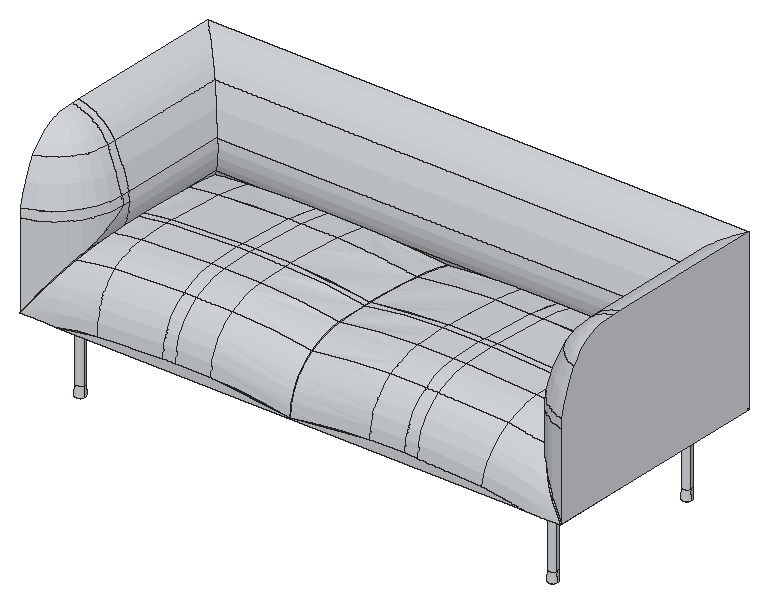
Revit family "Keilhauer-Electric-Seater-", category Furniture, Revit 2020
Family settings
  OmniClass Number = 23.40.20.00
  OmniClass Title = General Furniture and Specialties
  Work Plane-Based = No
  Always vertical = Yes
  Cut with Voids When Loaded = No
  Shared = No
  Room Calculation Point = No
Parameters (values of type "92000")
  Width = 63 1/2"
  URL = "https://keilhauer.com/"
  Type Comments = "Electric"  # constant formula
  Seat Finish [instance] = none
  Revit File Built By = "https://servex-us.com/servex-revit/"
  Product Documentation Link = "https://keilhauer.com/product-family/electric/"
  Model = "92000"
  Middle Seat = if(Width = 95", 2 > 1, 1 > 2)  # no
  Manufacturer = "Keilhauer"  # constant formula
  Leg Finish [instance] = none
  Keynote = "12500"  # constant formula
  Glide Finish [instance] = none
  Dist Void Seat = if(Middle Seat, 33 15/32", 31 3/4")  # 31 3/4"
  Description = "Two Seater Sofa"
  Default Elevation = 0"
  Copyright © = "© 2023 Keilhauer"  # constant formula
  Back Finish [instance] = none
  Authoring Version = "Revit 2020"  # constant formula
  Assembly Code = "E2020200"
Types (3): name | Width | Model | Middle Seat | Dist Void Seat | Description
  (no name) | 63 1/2" | "92000" | no | 31 3/4" | "Two Seater Sofa"
  92000 | 63 1/2" | "92000" | no | 31 3/4" | "Two Seater Sofa"
  92010 | 95" | "92010" | yes | 33 15/32" | "Three Seater Sofa"
Reference planes
  plane 1 "Center Front/Back": y = 0
  plane 2: z = 0
  plane 3 "Center Left/Right": x = 0
  plane 4: y = -700.024
  plane 5: x = 1612.9
  plane 6: x = 806.45
  plane 7: z = 230.124
  plane 8: z = 6.349
Forms (mm)
  Sweep 1, solid, material <- "Back Finish"
    path origin (0, 0, 0) x (1, 0, 0) y (0, 1, 0)
      loop
        line (0, -477.58) -> (0, 0) -> (1612.9, 0) -> (1612.9, -477.58)
    profile origin (806.45, 0, 0) x (0, 1, 0) y (0, 0, 1)
      loop
        arc (0, 705.104) -> (-61.098, 679.141) -> (-104.671, 629.056) r 147.806
        arc (-104.671, 629.056) -> (-130.564, 570.12) -> (-147.295, 507.96) r 426.623
        arc (-147.295, 507.96) -> (-146.373, 451.443) -> (-123.133, 399.918) r 139.7
        line (-123.133, 399.918) -> (0, 230.124) -> (0, 705.104)
  Sweep 2, solid, material <- "Seat Finish"
    path origin (0, 0, 0) x (1, 0, 0) y (0, 0, 1)
      loop
        arc (-53.023, 366.732) -> (80.224, 402.999) -> (216.732, 423.87) r 1211.852
        arc (216.732, 423.87) -> (321.503, 431.325) -> (426.509, 433.812) r 2218.147
        line (426.509, 433.812) -> (464.609, 433.812)
        arc (464.609, 433.812) -> (518.048, 433.602) -> (571.484, 432.97) r 6778.551
        arc (571.484, 432.97) -> (756.614, 419.102) -> (938.824, 383.537) r 1574.224
    profile origin (445.559, 0, 433.812) x (0, 0, 1) y (0, -1, 0)
      loop
        line (0, 401.998) -> (0, 422.694)
        arc (0, 422.694) -> (-0.907, 469.831) -> (-3.627, 516.897) r 1225.129
        arc (-3.627, 516.897) -> (-13.75, 569.816) -> (-35.377, 619.163) r 240.964
        arc (-35.377, 619.163) -> (-94.709, 678.361) -> (-175.675, 700.024) r 162.142
        line (-175.675, 700.024) -> (-208.806, 700.024) -> (-208.806, 0) -> (-63.418, 0)
        arc (-63.418, 0) -> (-28.375, 112.549) -> (-8.711, 228.775) r 878.791
        arc (-8.711, 228.775) -> (-2.179, 315.277) -> (0, 401.998) r 1726.734
  Extrusion 3, void
    sketch origin (0, 0, 0) x (1, 0, 0) y (0, 0, 1)
      loop
        line (0, 230.124) -> (123.133, 399.918)
        arc (123.133, 399.918) -> (135.019, 419.51) -> (143.543, 440.781) r 139.7
        line (143.543, 440.781) -> (-63.5, 440.781) -> (-63.5, 103.124) -> (946.15, 103.124) -> (946.15, 440.781) -> (806.45, 440.781) -> (806.45, 230.124) -> (0, 230.124)
    from -12.613 to 723.9
  Sweep 4, solid, material <- "Seat Finish"
    path origin (1612.9, 0, 0) x (-1, 0, 0) y (0, 0, -1)
      loop
        arc (-53.023, -366.732) -> (80.224, -402.999) -> (216.732, -423.87) r 1211.852
        arc (216.732, -423.87) -> (321.503, -431.325) -> (426.509, -433.812) r 2218.147
        line (426.509, -433.812) -> (464.609, -433.812)
        arc (464.609, -433.812) -> (518.048, -433.602) -> (571.484, -432.97) r 6778.551
        arc (571.484, -432.97) -> (756.614, -419.102) -> (938.824, -383.537) r 1574.224
    profile origin (1167.341, 0, 433.812) x (0, 0, -1) y (0, -1, 0)
      loop
        arc (0, 401.998) -> (2.179, 315.277) -> (8.711, 228.775) r 1726.734
        arc (8.711, 228.775) -> (28.375, 112.549) -> (63.418, 0) r 878.791
        line (63.418, 0) -> (208.806, 0) -> (208.806, 700.024) -> (175.675, 700.024)
        arc (175.675, 700.024) -> (94.709, 678.361) -> (35.377, 619.163) r 162.142
        arc (35.377, 619.163) -> (13.75, 569.816) -> (3.627, 516.897) r 240.964
        arc (3.627, 516.897) -> (0.907, 469.831) -> (0, 422.694) r 1225.129
        line (0, 422.694) -> (0, 401.998)
  Extrusion 5, void
    sketch origin (1612.9, 0, 0) x (-1, 0, 0) y (0, 0, -1)
      loop
        line (0, -230.124) -> (806.45, -230.124) -> (806.45, -440.781) -> (946.15, -440.781) -> (946.15, -103.124) -> (-63.5, -103.124) -> (-63.5, -440.781) -> (143.543, -440.781)
        arc (143.543, -440.781) -> (135.019, -419.51) -> (123.133, -399.918) r 139.7
        line (123.133, -399.918) -> (0, -230.124)
    from -12.613 to 723.9
  Sweep 6, solid, material <- "Seat Finish", visible <- "Middle Seat"
    path origin (755.714, 0, 0) x (-1, 0, 0) y (0, 0, -1)
      loop
        arc (-464.766, -386.389) -> (-373.386, -411.47) -> (-279.613, -425.117) r 768.647
        arc (-279.613, -425.117) -> (-174.79, -431.638) -> (-69.786, -433.812) r 2535.986
        line (-69.786, -433.812) -> (-31.686, -433.812)
        arc (-31.686, -433.812) -> (73.318, -431.638) -> (178.141, -425.117) r 2535.986
        arc (178.141, -425.117) -> (271.914, -411.47) -> (363.294, -386.389) r 768.647
    profile origin (806.45, 0, 433.812) x (0, 0, -1) y (0, -1, 0)
      loop
        arc (0, 401.998) -> (2.179, 315.277) -> (8.711, 228.775) r 1726.734
        arc (8.711, 228.775) -> (28.375, 112.549) -> (63.418, 0) r 878.791
        line (63.418, 0) -> (208.806, 0) -> (208.806, 700.024) -> (175.675, 700.024)
        arc (175.675, 700.024) -> (94.709, 678.361) -> (35.377, 619.163) r 162.142
        arc (35.377, 619.163) -> (13.75, 569.816) -> (3.627, 516.897) r 240.964
        arc (3.627, 516.897) -> (0.907, 469.831) -> (0, 422.694) r 1225.129
        line (0, 422.694) -> (0, 401.998)
  Extrusion 7, void
    sketch origin (755.714, 0, 0) x (-1, 0, 0) y (0, 0, -1)
      loop
        line (-407.066, -230.124) -> (305.594, -230.124) -> (305.594, -452.374) -> (407.194, -452.374) -> (407.194, -103.124) -> (-508.666, -103.124) -> (-508.666, -452.374) -> (-407.066, -452.374) -> (-407.066, -230.124)
    from -12.613 to 723.9
  Extrusion 8, solid, material <- "Leg Finish"
    sketch origin (0, 0, 0) x (1, 0, 0) y (0, 1, 0)
      loop
        circle (101.6, -101.6) r 12.7
      loop
        circle (101.6, -601.408) r 12.7
      loop
        circle (1511.3, -101.6) r 12.7
      loop
        circle (1511.3, -601.408) r 12.7
    from 33.415 to 230.124
  Blend 9, solid, material <- "Leg Finish"
    base sketch origin (0, 0, 0) x (1, 0, 0) y (0, 1, 0)
      loop
        circle (101.6, -101.6) r 14.692
    top sketch origin (0, 0, 0) x (1, 0, 0) y (0, 1, 0)
      loop
        circle (101.6, -101.6) r 12.7
    from 3.078 to 33.415
  Blend 10, solid, material <- "Leg Finish"
    base sketch origin (0, -499.808, 0) x (1, 0, 0) y (0, 1, 0)
      loop
        circle (101.6, -101.6) r 14.692
    top sketch origin (0, -499.808, 0) x (1, 0, 0) y (0, 1, 0)
      loop
        circle (101.6, -101.6) r 12.7
    from 3.078 to 33.415
  Blend 11, solid, material <- "Leg Finish"
    base sketch origin (2209.8, 0, 0) x (1, 0, 0) y (0, 1, 0)
      loop
        circle (-698.5, -101.6) r 14.692
    top sketch origin (2209.8, 0, 0) x (1, 0, 0) y (0, 1, 0)
      loop
        circle (-698.5, -101.6) r 12.7
    from 3.078 to 33.415
  Blend 12, solid, material <- "Leg Finish"
    base sketch origin (2209.8, -499.808, 0) x (1, 0, 0) y (0, 1, 0)
      loop
        circle (-698.5, -101.6) r 14.692
    top sketch origin (2209.8, -499.808, 0) x (1, 0, 0) y (0, 1, 0)
      loop
        circle (-698.5, -101.6) r 12.7
    from 3.078 to 33.415
  Blend 13, solid, material <- "Glide Finish"
    base sketch origin (0, 0, 0) x (1, 0, 0) y (0, 1, 0)
      loop
        circle (101.6, -101.6) r 11.144
    top sketch origin (0, 0, 0) x (1, 0, 0) y (0, 1, 0)
      loop
        circle (101.6, -101.6) r 10.566
    from 6.349 to 0
  Blend 14, solid, material <- "Glide Finish"
    base sketch origin (0, -499.808, 0) x (1, 0, 0) y (0, 1, 0)
      loop
        circle (101.6, -101.6) r 11.144
    top sketch origin (0, -499.808, 0) x (1, 0, 0) y (0, 1, 0)
      loop
        circle (101.6, -101.6) r 10.566
    from 6.349 to 0
  Blend 15, solid, material <- "Glide Finish"
    base sketch origin (2209.8, 0, 0) x (1, 0, 0) y (0, 1, 0)
      loop
        circle (-698.5, -101.6) r 11.144
    top sketch origin (2209.8, 0, 0) x (1, 0, 0) y (0, 1, 0)
      loop
        circle (-698.5, -101.6) r 10.566
    from 6.349 to 0
  Blend 16, solid, material <- "Glide Finish"
    base sketch origin (2209.8, -499.808, 0) x (1, 0, 0) y (0, 1, 0)
      loop
        circle (-698.5, -101.6) r 11.144
    top sketch origin (2209.8, -499.808, 0) x (1, 0, 0) y (0, 1, 0)
      loop
        circle (-698.5, -101.6) r 10.566
    from 6.349 to 0
  Sweep 17, void
    path origin (0, 0, 0) x (1, 0, 0) y (0, 1, 0)
      loop
        line (-330.2, -700.024) -> (-49.555, -700.024)
        arc (-49.555, -700.024) -> (89.639, -642.368) -> (147.295, -503.174) r 196.85
        line (147.295, -503.174) -> (147.295, -217.424)
    profile origin (147.295, -360.299, 0) x (-1, 0, 0) y (0, 0, 1)
      loop
        line (147.295, 705.104) -> (166.345, 705.104) -> (166.345, 717.804) -> (-106.705, 717.804) -> (-106.705, 230.124) -> (-2.446, 230.124) -> (-2.446, 481.932)
        arc (-2.446, 481.932) -> (-1.833, 495.003) -> (0, 507.96) r 139.7
        arc (0, 507.96) -> (16.731, 570.12) -> (42.624, 629.056) r 426.623
        arc (42.624, 629.056) -> (86.197, 679.141) -> (147.295, 705.104) r 147.806
  Extrusion 18, solid, material <- "Back Finish"
    sketch origin (0, 0, 0) x (1, 0, 0) y (0, 0, 1)
      loop
        line (0, 705.898) -> (0, 230.124) -> (176.213, 230.124) -> (176.213, 705.898) -> (0, 705.898)
    from 477.58 to 700.024
  Extrusion 19, void
    sketch origin (0, 0, 0) x (1, 0, 0) y (0, 0, 1)
      loop
        arc (149.741, 481.932) -> (142.923, 438.821) -> (123.133, 399.918) r 139.7
        line (123.133, 399.918) -> (-10.8, 215.232) -> (182.609, 215.232) -> (182.609, 481.932) -> (149.741, 481.932)
      loop
        line (1463.159, 481.932) -> (1430.291, 481.932) -> (1430.291, 215.232) -> (1623.7, 215.232) -> (1489.767, 399.918)
        arc (1489.767, 399.918) -> (1469.977, 438.821) -> (1463.159, 481.932) r 139.7
    from 477.58 to 863.6
  Sweep 20, void
    path origin (2413, 0, 0) x (-1, 0, 0) y (0, 1, 0)
      loop
        line (469.9, -700.024) -> (750.545, -700.024)
        arc (750.545, -700.024) -> (889.739, -642.368) -> (947.395, -503.174) r 196.85
        line (947.395, -503.174) -> (947.395, -217.424)
    profile origin (1465.605, -360.299, 0) x (-1, 0, 0) y (0, 0, 1)
      loop
        arc (-147.295, 705.104) -> (-86.197, 679.141) -> (-42.624, 629.056) r 147.806
        arc (-42.624, 629.056) -> (-16.731, 570.12) -> (0, 507.96) r 426.623
        arc (0, 507.96) -> (1.833, 495.003) -> (2.446, 481.932) r 139.7
        line (2.446, 481.932) -> (2.446, 230.124) -> (106.705, 230.124) -> (106.705, 717.804) -> (-166.345, 717.804) -> (-166.345, 705.104) -> (-147.295, 705.104)
  Extrusion 21, solid, material <- "Back Finish"
    sketch origin (2413, 0, 0) x (-1, 0, 0) y (0, 0, -1)
      loop
        line (800.1, -705.104) -> (976.313, -705.104) -> (976.313, -230.124) -> (800.1, -230.124) -> (800.1, -705.104)
    from 477.58 to 700.024
  Extrusion 22, void
    sketch origin (0, 0, 0) x (0, 1, 0) y (0, 0, 1)
      loop
        arc (-128.527, 407.924) -> (-125.899, 403.874) -> (-123.133, 399.918) r 139.7
        line (-123.133, 399.918) -> (0, 230.124) -> (0, 407.924) -> (-128.527, 407.924)
    from 0 to 1612.9
Cuts and joins
  Extrusion 5, Extrusion 22 cuts Sweep 4
  Extrusion 3, Extrusion 22 cuts Sweep 2
  Extrusion 7, Extrusion 22 cuts Sweep 6
  joined: Extrusion 8, Blend 9, Blend 10, Blend 11, Blend 12
  Extrusion 19 cuts Sweep 1
  Sweep 17, Extrusion 19 cuts Extrusion 18
  Extrusion 19, Sweep 20 cuts Extrusion 21
  joined: Sweep 1, Extrusion 18, Extrusion 21
Lines and regions (mm)
  symbolic lines
    curve 1: line (0, 0, 0) -> (1612.9, 0, 0)
    curve 2: line (0, -700.024, 0) -> (0, 0, 0)
    curve 3: line (1612.9, -700.024, 0) -> (0, -700.024, 0)
    curve 4: line (1612.9, 0, 0) -> (1612.9, -700.024, 0)
    curve 5: line (149.741, -503.174, 0) -> (149.741, -149.741, 0)
    curve 6: line (149.741, -149.741, 0) -> (0, 0, 0)
    curve 7: line (149.741, -149.741, 0) -> (1463.159, -149.741, 0)
    curve 8: line (1463.159, -149.741, 0) -> (1612.9, 0, 0)
    curve 9: line (1463.159, -149.741, 0) -> (1463.159, -503.48, 0)
    curve 10: arc (0, -696.211, 0) -> (107.917, -625.327, 0) -> (149.741, -503.174, 0) r 199.296
    curve 11: arc (1612.9, -696.211, 0) -> (1505.077, -625.448, 0) -> (1463.159, -503.48, 0) r 199.296
    curve 13: line (806.45, -699.765, 0) -> (806.45, -149.741, 0)
  symbolic lines, visible <- "Middle Seat"
    curve 12: line (1162.78, -149.741, 0) -> (1162.78, -699.765, 0)
  symbolic lines, style "FurnitureHiddenLines", detail levels fine
    curve 14: arc (86.908, -101.6, 0) -> (101.6, -86.908, 0) -> (116.292, -101.6, 0) r 14.692
    curve 15: arc (116.292, -101.6, 0) -> (101.6, -116.292, 0) -> (86.908, -101.6, 0) r 14.692
    curve 16: arc (116.292, -601.408, 0) -> (101.6, -616.101, 0) -> (86.908, -601.408, 0) r 14.692
    curve 17: arc (86.908, -601.408, 0) -> (101.6, -586.716, 0) -> (116.292, -601.408, 0) r 14.692
    curve 18: arc (1496.608, -601.408, 0) -> (1511.3, -586.716, 0) -> (1525.992, -601.408, 0) r 14.692
    curve 19: arc (1525.992, -601.408, 0) -> (1511.3, -616.101, 0) -> (1496.608, -601.408, 0) r 14.692
    curve 20: arc (1496.608, -101.6, 0) -> (1511.3, -86.908, 0) -> (1525.992, -101.6, 0) r 14.692
    curve 21: arc (1525.992, -101.6, 0) -> (1511.3, -116.292, 0) -> (1496.608, -101.6, 0) r 14.692
Dimensions and locks
  equal spacing: plane 3 "Center Left/Right", plane 6, plane 5
  Extrusion 3 sketch curve to Extrusion 3 sketch curve to plane 3 "Center Left/Right" to Extrusion 3 sketch curve = 0.80352" locked, 4.84776" locked, 2 1/2" locked
  Extrusion 3 sketch curve to Extrusion 3 sketch curve to Extrusion 3 sketch curve to plane 2 = 8.29359" locked, 5" locked, 4.06" locked
  Extrusion 5 sketch curve to Extrusion 5 sketch curve to Extrusion 5 sketch curve to Extrusion 5 sketch curve to plane 2 = 1.60878" locked, 6.68481" locked, 5" locked, 4.06" locked
  Extrusion 5 sketch curve to Extrusion 5 sketch curve to Extrusion 5 sketch curve = 0.80352" locked, 7.34776" locked
  "Width": plane 3 "Center Left/Right" to plane 5
  Sweep 6 sketch curve to Sweep 6 sketch curve to Sweep 6 sketch curve to plane 6 to Sweep 6 sketch curve to Sweep 6 sketch curve to Sweep 6 sketch curve = 9.79333" locked, 5.75707" locked, 3/4" locked, 3/4" locked, 5.75707" locked, 9.79333" locked
  Sweep 6 sketch curve to Sweep 6 sketch curve to Sweep 6 sketch curve to Sweep 6 sketch curve = 1.86706" locked, 28.6332" locked, 69.34169" locked
  Extrusion 7 sketch curve to Extrusion 7 sketch curve to Extrusion 7 sketch curve to plane 2 = 8 3/4" locked, 5" locked, 4.06" locked
  Extrusion 7 sketch curve to Extrusion 7 sketch curve to plane 6 to Extrusion 7 sketch curve to Extrusion 7 sketch curve = 4" locked, 14.02874" locked, 14.02874" locked, 4" locked
  locked: Extrusion 3 sketch curve to Extrusion 3 sketch curve at 139.7
  "Dist Void Seat": Extrusion 3 sketch curve to plane 3 "Center Left/Right"
  Sweep 2 sketch curve to Sweep 2 sketch curve to plane 2 to Sweep 2 sketch curve to Sweep 2 sketch curve to Sweep 2 sketch curve = 2.64095" locked, 14.43828" locked, 30.80905" locked, 14.11451" locked, 25.32583" locked
  Sweep 2 sketch curve to Sweep 2 sketch curve to Sweep 2 sketch curve to Sweep 2 sketch curve to Sweep 2 sketch curve to plane 3 "Center Left/Right" to Sweep 2 sketch curve = 14.46222" locked, 0.97718" locked, 4.73051" locked, 3.74679" locked, 13.0449" locked, 2.08754" locked
  Sweep 4 sketch curve to plane 5 to Sweep 4 sketch curve to Sweep 4 sketch curve to Sweep 4 sketch curve to Sweep 4 sketch curve = 2.08754" locked, 13.0449" locked, 3.74679" locked, 4.73051" locked, 15.43939" locked
  Sweep 4 sketch curve to Sweep 4 sketch curve to plane 2 to Sweep 4 sketch curve to Sweep 4 sketch curve to Sweep 4 sketch curve = 0.6616" locked, 14.43828" locked, 30.80905" locked, 14.11451" locked, 25.32583" locked
  "Dist Void Seat": plane 5 to Extrusion 5 sketch curve
  locked: Extrusion 5 sketch curve to Extrusion 5 sketch curve at 139.7
  locked: Extrusion 8 sketch curve to plane 4 at 98.615  (x2)
  locked: Extrusion 8 sketch curve to plane 1 "Center Front/Back" at 101.6  (x2)
  locked: plane 3 "Center Left/Right" to Extrusion 8 sketch curve at 101.6  (x2)
  locked: Extrusion 8 sketch curve to plane 5 at 101.6  (x2)
  locked: plane 2 to plane 7 at 230.124
  locked: Extrusion 8 to plane 7 at 196.709
  locked: plane 3 "Center Left/Right" to Blend 9 sketch curve at 101.6  (x2)
  locked: Blend 9 sketch curve to plane 1 "Center Front/Back" at 101.6  (x2)
  locked: plane 2 to plane 8 at 6.349
  locked: Blend 9 to plane 2 at 3.078
  locked: Blend 11 sketch curve to plane 5 at 101.6  (x2)
  locked: Blend 11 sketch curve to plane 1 "Center Front/Back" at 101.6  (x2)
  locked: Blend 12 sketch curve to plane 4 at 98.615  (x2)
  locked: Blend 12 sketch curve to plane 5 at 101.6  (x2)
  locked: Blend 10 sketch curve to plane 4 at 98.615  (x2)
  locked: plane 3 "Center Left/Right" to Blend 10 sketch curve at 101.6  (x2)
  locked: Blend 13 sketch curve to plane 1 "Center Front/Back" at 101.6  (x2)
  locked: plane 3 "Center Left/Right" to Blend 13 sketch curve at 101.6  (x2)
  locked: Blend 14 sketch curve to plane 4 at 98.615  (x2)
  locked: plane 3 "Center Left/Right" to Blend 14 sketch curve at 101.6  (x2)
  locked: Blend 15 sketch curve to plane 1 "Center Front/Back" at 101.6  (x2)
  locked: Blend 15 sketch curve to plane 5 at 101.6  (x2)
  locked: Blend 16 sketch curve to plane 4 at 98.615  (x2)
  locked: Blend 16 sketch curve to plane 5 at 101.6  (x2)
  locked: Sweep 1 sketch curve to plane 1 "Center Front/Back" at 477.58
  Extrusion 19 sketch curve to plane 5 to Extrusion 19 sketch curve to Extrusion 19 sketch curve to Extrusion 19 sketch curve = 0.42519" locked, 0.39531" locked, 4.45245" locked, 2.34155" locked
  Extrusion 19 sketch curve to Extrusion 19 sketch curve to plane 2 = 10 1/2" locked, 8.47369" locked
  locked: plane 5 to Extrusion 21 sketch curve at 176.213
  Sweep 20 sketch curve to Sweep 20 sketch curve to Sweep 20 sketch curve to Sweep 20 sketch curve to Sweep 20 sketch curve to Sweep 20 sketch curve = 9.68811" locked, 0.26497" locked, 1.14531" locked, 5 1/2" locked, 4.10469" locked
  Sweep 20 sketch curve to Sweep 20 sketch curve to Sweep 20 sketch curve to Sweep 20 sketch curve to Sweep 20 sketch curve = 1/2" locked, 5.72995" locked, 3.05636" locked, 2.10463" locked
  "Dist Void Seat": plane 3 "Center Left/Right" to curve 13
  locked: Extrusion 22 sketch curve to plane 7 at 177.8
  aligned and locked: plane 2 to level
  aligned and locked: Extrusion 3 sketch curve to Extrusion 3 sketch curve
  aligned and locked: plane 3 "Center Left/Right" to Extrusion 3 sketch curve
  aligned and locked: Extrusion 5 sketch curve to Extrusion 5 sketch curve
  aligned and locked: plane 5 to Extrusion 5 sketch curve
  aligned and locked: Extrusion 7 sketch curve to Extrusion 7 sketch curve
  aligned and locked: Extrusion 8 to plane 7
  aligned and locked: plane 7 to Sweep 1 sketch curve
  aligned and locked: Blend 9 to Extrusion 8
  aligned and locked: Blend 13 to plane 8
  aligned and locked: Blend 13 to plane 2
  aligned and locked: Sweep 1 sketch curve to plane 5
  aligned and locked: Extrusion 19 sketch curve to Extrusion 19 sketch curve
  aligned and locked: plane 7 to Extrusion 21 sketch curve
  aligned and locked: plane 5 to Extrusion 21 sketch curve
  aligned and locked: plane 7 to Sweep 20 sketch curve
  aligned and locked: plane 1 "Center Front/Back" to curve 1
  aligned and locked: plane 4 to curve 3
  aligned and locked: plane 3 "Center Left/Right" to curve 2
  aligned and locked: curve 4 to plane 5
  aligned and locked: curve 10 to cut or joined group of Sweep 1, Sweep 17, Extrusion 18, Extrusion 19, Sweep 20, Extrusion 21
  aligned and locked: curve 11 to cut or joined group of Sweep 1, Sweep 17, Extrusion 18, Extrusion 19, Sweep 20, Extrusion 21
  aligned and locked: cut or joined group of Sweep 6, Extrusion 7, Extrusion 22 to curve 12
  aligned and locked: curve 14 to cut or joined group of Extrusion 8, Blend 9, Blend 10, Blend 11, Blend 12
  aligned and locked: curve 15 to cut or joined group of Extrusion 8, Blend 9, Blend 10, Blend 11, Blend 12
  aligned and locked: curve 16 to cut or joined group of Extrusion 8, Blend 9, Blend 10, Blend 11, Blend 12
  aligned and locked: curve 17 to cut or joined group of Extrusion 8, Blend 9, Blend 10, Blend 11, Blend 12
  aligned and locked: curve 18 to cut or joined group of Extrusion 8, Blend 9, Blend 10, Blend 11, Blend 12
  aligned and locked: curve 19 to cut or joined group of Extrusion 8, Blend 9, Blend 10, Blend 11, Blend 12
  aligned and locked: curve 20 to cut or joined group of Extrusion 8, Blend 9, Blend 10, Blend 11, Blend 12
  aligned and locked: curve 21 to cut or joined group of Extrusion 8, Blend 9, Blend 10, Blend 11, Blend 12
  aligned and locked: Extrusion 22 to plane 3 "Center Left/Right"
  aligned and locked: plane 5 to Extrusion 22
Automatic sketch dimensions
  plane 1 "Center Front/Back" to Sweep 1 sketch curve = 0"
  Sweep 1 sketch curve to plane 3 "Center Left/Right" = 0"
  plane 4 to Sweep 1 sketch curve = 8.75762"
  Sweep 1 sketch curve to profile plane = 0"
  profile plane to Sweep 1 sketch curve = 0.39531"
  profile plane to Sweep 1 sketch curve = 4.84776"
  Sweep 1 sketch curve to profile plane = 1.01497"
  Sweep 1 sketch curve to profile plane = 10.70308"
  Sweep 1 sketch curve to Sweep 1 sketch curve = 6.68481"
  Sweep 1 sketch curve to Sweep 1 sketch curve = 7.80906"
  Sweep 1 sketch curve to Sweep 1 sketch curve = 3.22888"
  Sweep 1 sketch curve to Sweep 1 sketch curve = 3.05636"
  Sweep 1 sketch curve to Sweep 1 sketch curve = 5.72995"
  Sweep 1 sketch curve to Sweep 1 sketch curve = 0"
  Sweep 2 sketch curve to Sweep 2 sketch curve = 179.54348"
  Sweep 2 sketch curve to profile plane = 0"
  profile plane to Sweep 2 sketch curve = 0"
  profile plane to Sweep 2 sketch curve = 2.49679"
  profile plane to Sweep 2 sketch curve = 6.91632"
  Sweep 2 sketch curve to Sweep 2 sketch curve = 1.30438"
  Sweep 2 sketch curve to Sweep 2 sketch curve = 2.68515"
  profile plane to Sweep 2 sketch curve = 12.47772"
  Sweep 2 sketch curve to Sweep 2 sketch curve = 25.165"
  Sweep 2 sketch curve to Sweep 2 sketch curve = 13.46696"
  Sweep 2 sketch curve to Sweep 2 sketch curve = 19.74822"
  profile plane to Sweep 2 sketch curve = 15.8267"
  Sweep 2 sketch curve to Sweep 2 sketch curve = 0.8148"
  Sweep 2 sketch curve to Sweep 2 sketch curve = 2.97932"
  Sweep 2 sketch curve to Sweep 2 sketch curve = 1.55563"
  Sweep 2 sketch curve to Sweep 2 sketch curve = 6.38353"
  Sweep 2 sketch curve to Sweep 2 sketch curve = 0"
  Sweep 4 sketch curve to plane 7 = 8.01923"
  Sweep 4 sketch curve to Sweep 4 sketch curve = 179.54348"
  Sweep 4 sketch curve to profile plane = 0"  (x2)
  Sweep 4 sketch curve to profile plane = 2.49679"
  Sweep 4 sketch curve to profile plane = 6.91632"
  Sweep 4 sketch curve to Sweep 4 sketch curve = 5.72391"
  Sweep 4 sketch curve to Sweep 4 sketch curve = 2.68515"
  profile plane to Sweep 4 sketch curve = 12.47772"
  Sweep 4 sketch curve to Sweep 4 sketch curve = 25.165"
  Sweep 4 sketch curve to Sweep 4 sketch curve = 13.46696"
  Sweep 4 sketch curve to Sweep 4 sketch curve = 19.74822"
  profile plane to Sweep 4 sketch curve = 15.8267"
  Sweep 4 sketch curve to Sweep 4 sketch curve = 0.8148"
  Sweep 4 sketch curve to Sweep 4 sketch curve = 2.97932"
  Sweep 4 sketch curve to Sweep 4 sketch curve = 1.55563"
  Sweep 4 sketch curve to Sweep 4 sketch curve = 6.38353"
  Sweep 4 sketch curve to Sweep 4 sketch curve = 0"
  Sweep 6 sketch curve to plane 7 = 8.01923"
  Sweep 6 sketch curve to Sweep 6 sketch curve = 0"  (x4)
  Sweep 6 sketch curve to profile plane = 0"  (x2)
  Sweep 6 sketch curve to profile plane = 2.49679"
  Sweep 6 sketch curve to profile plane = 6.91632"
  Sweep 6 sketch curve to Sweep 6 sketch curve = 5.72391"
  Sweep 6 sketch curve to Sweep 6 sketch curve = 2.68515"
  profile plane to Sweep 6 sketch curve = 12.47772"
  Sweep 6 sketch curve to Sweep 6 sketch curve = 25.165"
  Sweep 6 sketch curve to Sweep 6 sketch curve = 13.46696"
  Sweep 6 sketch curve to Sweep 6 sketch curve = 19.74822"
  profile plane to Sweep 6 sketch curve = 15.8267"
  Sweep 6 sketch curve to Sweep 6 sketch curve = 0.8148"
  Sweep 6 sketch curve to Sweep 6 sketch curve = 2.97932"
  Sweep 6 sketch curve to Sweep 6 sketch curve = 1.55563"
  Sweep 6 sketch curve to Sweep 6 sketch curve = 6.38353"
  Sweep 17 sketch curve to plane 4 = 0"
  Sweep 17 sketch curve to plane 3 "Center Left/Right" = 1.95099"
  Sweep 17 sketch curve to Sweep 17 sketch curve = 11.04901"
  plane 1 "Center Front/Back" to Sweep 17 sketch curve = 8.55999"
  Sweep 17 sketch curve to profile plane = 0"  (x2)
  profile plane to Sweep 17 sketch curve = 0.0963"
  profile plane to Sweep 17 sketch curve = 4.20099"
  Sweep 17 sketch curve to profile plane = 5.4037"
  Sweep 17 sketch curve to profile plane = 5.79901"
  Sweep 17 sketch curve to Sweep 17 sketch curve = 3/4"
  Sweep 17 sketch curve to Sweep 17 sketch curve = 1.41028"
  Sweep 17 sketch curve to Sweep 17 sketch curve = 9.68811"
  level to Sweep 17 sketch curve = 9.06"
  level to Sweep 17 sketch curve = 16.86906"
  Sweep 17 sketch curve to Sweep 17 sketch curve = 3.05636"
  Sweep 17 sketch curve to Sweep 17 sketch curve = 2.99401"
  Sweep 17 sketch curve to Sweep 17 sketch curve = 1/2"
  Extrusion 18 sketch curve to plane 3 "Center Left/Right" = 0"
  Extrusion 18 sketch curve to plane 7 = 0"
  Extrusion 18 sketch curve to plane 7 = 18.73125"
  Extrusion 19 sketch curve to Extrusion 19 sketch curve = 1.29401"  (x2)
  plane 3 "Center Left/Right" to Extrusion 19 sketch curve = 0.39531"
  Extrusion 19 sketch curve to plane 3 "Center Left/Right" = 0.42519"
  plane 7 to Extrusion 19 sketch curve = 0.58631"
  Sweep 20 sketch curve to plane 4 = 0"
  Sweep 20 sketch curve to plane 5 = 1.95099"
  Sweep 20 sketch curve to Sweep 20 sketch curve = 11.04901"
  Sweep 20 sketch curve to plane 1 "Center Front/Back" = 8.55999"
  Sweep 20 sketch curve to profile plane = 0"  (x2)
  Sweep 20 sketch curve to Sweep 20 sketch curve = 3/4"
  level to Sweep 20 sketch curve = 16.86906"
  Sweep 4 sketch curve to plane 5 = 18.29169"
  plane 5 to Sweep 20 sketch curve = 5.79901"
  plane 3 "Center Left/Right" to Sweep 2 sketch curve = 18.29169"
  plane 3 "Center Left/Right" to Sweep 17 sketch curve = 5.79901"
  plane 3 "Center Left/Right" to Extrusion 18 sketch curve = 6 15/16"
  plane 3 "Center Left/Right" to Extrusion 19 sketch curve = 4.84776"
  Extrusion 19 sketch curve to Extrusion 19 sketch curve = 1.04755"
  Extrusion 21 sketch curve to plane 7 = 18.7"
  Extrusion 22 sketch curve to plane 1 "Center Front/Back" = 0"
  plane 7 to Extrusion 22 sketch curve = 0"
  Extrusion 22 sketch curve to Extrusion 22 sketch curve = 0.31519"
  plane 1 "Center Front/Back" to Extrusion 22 sketch curve = 0.39531"
  Extrusion 22 sketch curve to Extrusion 22 sketch curve = 2.91369"
  Extrusion 22 sketch curve to Extrusion 22 sketch curve = 0.21235"
  curve 8 to curve 20 = 1.31687"
  curve 7 to curve 20 = 1.89531"
  plane 4 to curve 12 = 0.01019"
  plane 4 to curve 13 = 0.01019"
  plane 3 "Center Left/Right" to Extrusion 3 sketch curve = 0.39531"
  Extrusion 3 sketch curve to Extrusion 3 sketch curve = 1.60878"
  plane 5 to Extrusion 5 sketch curve = 2 1/2"
  Extrusion 5 sketch curve to plane 5 = 0.39531"
  radius of Extrusion 8 sketch curve = 1/2"  (x4)
  radius of Blend 9 sketch curve = 0.57844"
  radius of Blend 9 sketch curve = 1/2"
  radius of Blend 10 sketch curve = 0.57844"
  radius of Blend 10 sketch curve = 1/2"
  radius of Blend 11 sketch curve = 0.57844"
  radius of Blend 11 sketch curve = 1/2"
  radius of Blend 12 sketch curve = 0.57844"
  radius of Blend 12 sketch curve = 1/2"
  radius of Blend 13 sketch curve = 0.43874"
  radius of Blend 13 sketch curve = 0.41598"
  radius of Blend 14 sketch curve = 0.43874"
  radius of Blend 14 sketch curve = 0.41598"
  radius of Blend 15 sketch curve = 0.43874"
  radius of Blend 15 sketch curve = 0.41598"
  radius of Blend 16 sketch curve = 0.43874"
  radius of Blend 16 sketch curve = 0.41598"
